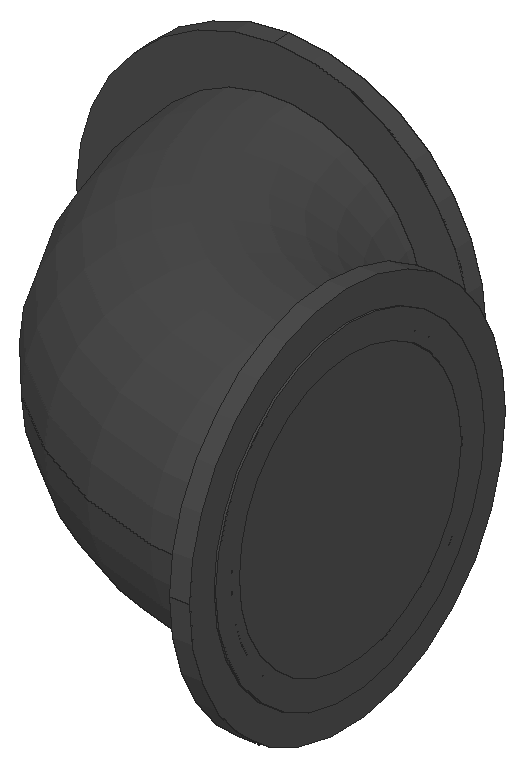
Revit family "FoFo_FF_Curva90", category Pipe Fittings, Revit 2025
Family settings
  Round Connector Dimension = Use Radius
  Part Type = Elbow
  OmniClass Number = 23.60.30.11.14
  OmniClass Title = Pipework Fittings
  Work Plane-Based = Yes
  Always vertical = No
  Cut with Voids When Loaded = No
  Shared = Yes
Parameters (values of type "C90F_0400")
  PN = "10"
  Material_Conexao = FOFO
  Manufacturer = "SGC"
  Loss Method = K Coefficient from Table
  K Coefficient Table = "Tee"
  Junta_1_Tipo = FoFo_FF_Junta : FLA_10_0400
  Description = "Curva 90"
  Default Elevation = 0.0 mm
  DN = "400"
  Corpo_L = 420.0 mm
  Corpo_RE1 = 0.5 * Corpo_DE  # 214.5 mm
  Corpo_DE = 429.0 mm
Reference planes
  plane 1 "EixoP": y = 0
  plane 2: z = 0
  plane 3 "EixoS": x = 373.25
  plane 4 "KK": y = 420
  plane 5: x = 793.25
Forms (mm)
  Sweep 1, solid, material "FOFO" <- "Material_Conexao"
    path origin (0, 0, 0) x (1, 0, 0) y (0, 1, 0)
      loop
        arc (793.25, 0) -> (496.265, 123.015) -> (373.25, 420) r 420
    profile origin (496.265, 123.015, 0) x (-0.707107, -0.707107, 0) y (0, 0, 1)
      loop
        circle (0, 0) r 214.5
Lines and regions (mm)
  reference lines
    curve 1: line (373.25, 0, 0) -> (373.25, 420, 0)
    curve 2: line (373.25, 0, 0) -> (793.25, 0, 0)
  model lines, style "PipeFittingCenterLine"
    curve 3: line (373.25, 0, 0) -> (373.25, 420, 0)
    curve 4: line (373.25, 0, 0) -> (793.25, 0, 0)
Dimensions and locks
  "Corpo_L": plane 3 "EixoS" to plane 5
  "Corpo_L": plane 4 "KK" to plane 1 "EixoP"
  "Corpo_DE": diameter of Sweep 1 sketch curve
  locked: curve 2 to curve 1 (angle 90.00°)
  aligned and locked: Sweep 1 sketch curve to plane 5
  aligned and locked: plane 4 "KK" to Sweep 1 sketch curve
  aligned and locked: plane 4 "KK" to curve 1
  aligned and locked: plane 1 "EixoP" to curve 2
  aligned and locked: plane 3 "EixoS" to curve 2
  aligned and locked: curve 3 to plane 3 "EixoS"
  aligned and locked: curve 4 to curve 2
Automatic sketch dimensions
  plane 1 "EixoP" to Sweep 1 sketch curve = 0.0 mm
  curve 4 to plane 5 = 0.0 mm
  curve 3 to plane 4 "KK" = 0.0 mm
  level to Sweep 1 sketch curve = 0.0 mm
  Sweep 1 sketch curve to profile plane = 0.0 mm
Nested families
  nested 1: "FoFo_FF_Junta" at (373.25, 420, 0) x (0, 0, 1) z (0, 1, 0), type <- "Junta_1_Tipo", type "FLA_10_0400"
    with Furo_V 252.552 mm, Flange_RT 214.5 mm, Flange_RL 200.0 mm, Flange_RG 240.0 mm, Flange_RF 257.5 mm, Flange_RD 282.5 mm, Furo_Quant 16, Flange_MA 11.25°, Furo_H 50.236 mm, Flange_Diam_Resalto 480.0 mm, Furo_Raio 12.0 mm, Furo_Diam 24.0 mm, Flange_Diam_Livre 400.0 mm, Flange_Diam_Furacao 515.0 mm, Flange_Diam_Tubo 429.0 mm, Flange_Diam_Externo 565.0 mm, Flange_Resalto 4.0 mm, Flange_Altura 28.0 mm
  nested 2: "FoFo_FF_Junta" at (793.25, 0, 0) x (0, 1, 0) z (1, 0, 0), type <- "Junta_1_Tipo", type "FLA_10_0400"
    with Furo_V 252.552 mm, Flange_RT 214.5 mm, Flange_RL 200.0 mm, Flange_RG 240.0 mm, Flange_RF 257.5 mm, Flange_RD 282.5 mm, Furo_Quant 16, Flange_MA 11.25°, Furo_H 50.236 mm, Flange_Diam_Resalto 480.0 mm, Furo_Raio 12.0 mm, Furo_Diam 24.0 mm, Flange_Diam_Livre 400.0 mm, Flange_Diam_Furacao 515.0 mm, Flange_Diam_Tubo 429.0 mm, Flange_Diam_Externo 565.0 mm, Flange_Resalto 4.0 mm, Flange_Altura 28.0 mm
Connectors
  piping at (793.25, 0, 0), diameter 429, driven by "Corpo_RE1"
    settings: on Sweep 1, index 1, connector inside diameter 24", connector length 0.0 mm, flow factor 0, pipe flow 0 GPM, pressure drop 0.00 psi, fitting loss kfactor 0, connector angle 0.00°, fixture units 0, engagement length 0.0 mm, angle of deflection 0.00°, flow configuration 0, flow direction 0, fitting loss method 0, system type 7, joint type 0, gender type 0, connector reference index -1, connector utility 0, adjustable connector no, is connector primary yes, connector description ""
  piping at (373.25, 420, 0), diameter 429, driven by "Corpo_RE1"
    settings: on Sweep 1, index 2, connector inside diameter 24", connector length 0.0 mm, flow factor 0, pipe flow 0 GPM, pressure drop 0.00 psi, fitting loss kfactor 0, connector angle 0.00°, fixture units 0, engagement length 0.0 mm, angle of deflection 0.00°, flow configuration 0, flow direction 0, fitting loss method 0, system type 7, joint type 0, gender type 0, connector reference index -1, connector utility 0, adjustable connector no, is connector primary no, connector description ""
Definition of nested family "FoFo_FF_Junta"
  Parameters (values of type "FLA_10_0080")
    PN = "10"
    Material_Conexao = none
    Manufacturer = "SGC"
    Furo_V = Flange_RF * cos(Flange_MA)  # 73.91 mm
    Flange_RT = 0.5 * Flange_Diam_Tubo  # 49.0 mm
    Flange_RL = 0.5 * Flange_Diam_Livre  # 40.0 mm
    Flange_RG = 0.5 * Flange_Diam_Resalto  # 66.0 mm
    Flange_RF = 0.5 * Flange_Diam_Furacao  # 80.0 mm
    Flange_RD = 0.5 * Flange_Diam_Externo  # 100.0 mm
    Furo_Quant = 8
    Flange_MA = 0.5 * (360.00° / Furo_Quant)  # 22.50°
    Furo_H = Flange_RF * sin(Flange_MA)  # 30.615 mm
    Flange_Diam_Resalto = 132.0 mm
    Furo_Raio = 0.5 * Furo_Diam  # 8.0 mm
    Furo_Diam = 16.0 mm
    Flange_Diam_Livre = 80.0 mm
    Flange_Diam_Furacao = 160.0 mm
    Flange_Diam_Tubo = 98.0 mm
    Flange_Diam_Externo = 200.0 mm
    Flange_Resalto = 3.0 mm
    Flange_Altura = 19.0 mm
    Description = "Flange"
    Default Elevation = 0.0 mm
    DN = "80"
  Reference planes
    plane 1 "Centro (Frente/Trás)": y = 0
    plane 2: z = 0
    plane 3 "Centro (Esquerda/Direita)": x = 0
    plane 4: z = -3
    plane 5: z = -22
  Forms (mm)
    Extrusion 1, solid
      sketch origin (0, 0, 0) x (1, 0, 0) y (0, 1, 0)
        loop
          circle (0, 0) r 100
      from -22 to -3
    Extrusion 2, solid
      sketch origin (0, 0, 0) x (1, 0, 0) y (0, 1, 0)
        loop
          circle (0, 0) r 66
      from 0 to -3
    Extrusion 3, void
      sketch origin (0, 0, 0) x (1, 0, 0) y (0, 1, 0)
        loop
          circle (0, 0) r 40
      from 0 to -22
  Cuts and joins
    Extrusion 3 cuts Extrusion 1
    Extrusion 3 cuts Extrusion 2
    joined: Extrusion 1, Extrusion 2
  Lines and regions (mm)
    model lines
      curve 1: line (-40, 0, 0) -> (40, 0, 0)
      curve 2: line (0, 40, 0) -> (0, -40, 0)
  Dimensions and locks
    "Flange_Resalto": plane 2 to plane 4
    "Flange_Altura": plane 4 to plane 5
    "Flange_RD": radius of Extrusion 1 sketch curve
    "Flange_RG": radius of Extrusion 2 sketch curve
    "Flange_RL": radius of Extrusion 3 sketch curve
    aligned and locked: plane 2 to level
    aligned and locked: Extrusion 1 to plane 5
    aligned and locked: Extrusion 1 to Extrusion 3
    aligned and locked: cut or joined group of Extrusion 1, Extrusion 2, Extrusion 3 to plane 4
    aligned and locked: plane 4 to cut or joined group of Extrusion 1, Extrusion 2, Extrusion 3
  Automatic sketch dimensions
    plane 1 "Centro (Frente/Trás)" to curve 1 = 0.0 mm
    curve 1 to plane 3 "Centro (Esquerda/Direita)" = 40.0 mm
    plane 3 "Centro (Esquerda/Direita)" to curve 1 = 40.0 mm
    plane 1 "Centro (Frente/Trás)" to curve 2 = 40.0 mm
    curve 2 to plane 1 "Centro (Frente/Trás)" = 40.0 mm
    curve 2 to plane 3 "Centro (Esquerda/Direita)" = 0.0 mm
    plane 1 "Centro (Frente/Trás)" to Extrusion 1 sketch curve = 0.0 mm
    Extrusion 1 sketch curve to plane 3 "Centro (Esquerda/Direita)" = 0.0 mm
    plane 1 "Centro (Frente/Trás)" to Extrusion 2 sketch curve = 0.0 mm
    Extrusion 2 sketch curve to plane 3 "Centro (Esquerda/Direita)" = 0.0 mm
    plane 1 "Centro (Frente/Trás)" to Extrusion 3 sketch curve = 0.0 mm
    Extrusion 3 sketch curve to plane 3 "Centro (Esquerda/Direita)" = 0.0 mm
Types in the file's own list only (16): name | Junta_1_Tipo | DN | Corpo_L | Corpo_RE1 | Corpo_DE
  C90F_0050 | FoFo_FF_Junta : FLA_10_0050 | "50" | 150.0 mm | 45.0 mm | 90.0 mm
  C90F_0080 | FoFo_FF_Junta : FLA_10_0080 | "80" | 165.0 mm | 49.0 mm | 98.0 mm
  C90F_0100 | FoFo_FF_Junta : FLA_10_0100 | "100" | 180.0 mm | 59.0 mm | 118.0 mm
  C90F_0150 | FoFo_FF_Junta : FLA_10_0150 | "150" | 220.0 mm | 85.0 mm | 170.0 mm
  C90F_0200 | FoFo_FF_Junta : FLA_10_0200 | "200" | 260.0 mm | 111.0 mm | 222.0 mm
  C90F_0250 | FoFo_FF_Junta : FLA_10_0250 | "250" | 350.0 mm | 137.0 mm | 274.0 mm
  C90F_0300 | FoFo_FF_Junta : FLA_10_0300 | "300" | 400.0 mm | 163.0 mm | 326.0 mm
  C90F_0350 | FoFo_FF_Junta : FLA_10_0350 | "350" | 450.0 mm | 189.0 mm | 378.0 mm
  C90F_0450 | FoFo_FF_Junta : FLA_10_0450 | "450" | 550.0 mm | 240.0 mm | 480.0 mm
  C90F_0500 | FoFo_FF_Junta : FLA_10_0500 | "500" | 600.0 mm | 266.0 mm | 532.0 mm
  C90F_0600 | FoFo_FF_Junta : FLA_10_0600 | "600" | 700.0 mm | 317.5 mm | 635.0 mm
  C90F_0700 | FoFo_FF_Junta : FLA_10_0700 | "700" | 800.0 mm | 369.0 mm | 738.0 mm
  C90F_0800 | FoFo_FF_Junta : FLA_10_0800 | "800" | 900.0 mm | 421.0 mm | 842.0 mm
  C90F_0900 | FoFo_FF_Junta : FLA_10_0900 | "900" | 1000.0 mm | 472.5 mm | 945.0 mm
  C90F_1000 | FoFo_FF_Junta : FLA_10_1000 | "1000" | 1100.0 mm | 524.0 mm | 1048.0 mm
  C90F_1200 | FoFo_FF_Junta : FLA_10_1200 | "1200" | 1300.0 mm | 627.5 mm | 1255.0 mm
